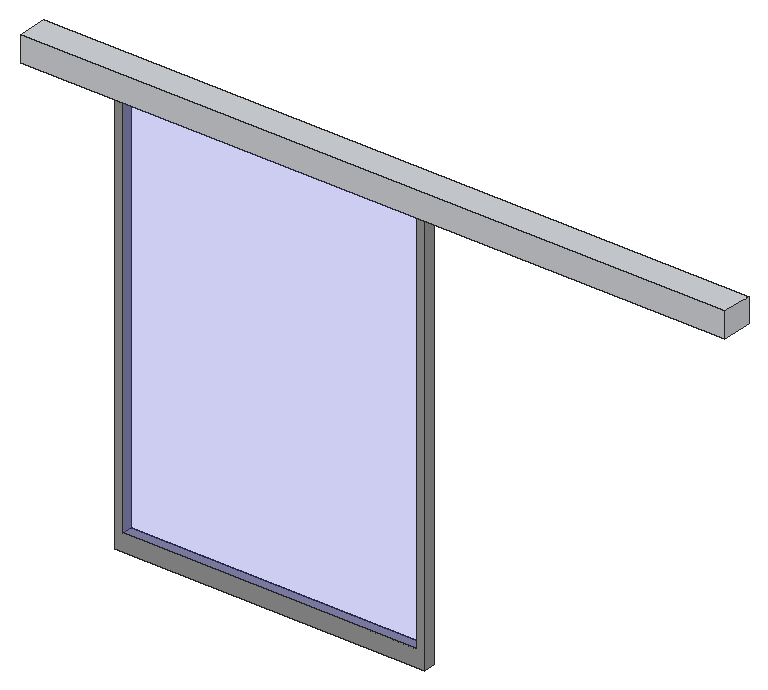
Revit family "DAS107PLUS 1AM  DX", category Porte, host Muro, Revit 2018
Family settings
  Host = Muro
  Numero OmniClass = 23.30.10.00
  Titolo OmniClass = Doors
  Sempre verticale = Sì
  Taglio con vuoti quando caricato = No
  Condiviso = No
  Punto di calcolo locali = No
Parameters
  Weight = 0.00 kN
  Uniclass 2015 Name = "Automatic sliding door operator"
  Uniclass 2.0 Description = "Sliding Doorset Systems"
  Uniclass 2.0 Code = "SS_25-30-20-77"
  Uniclass 1.4 Description = "Doors"
  Uniclass 1.4 Code = "JL20"
  Unicalss 2015 Code = "Pr 73_30_23_05"
  UNSPSC Code = "301715"
  Open door [instance] = if(Open, Larghezza, 1 mm)  # 1500 mm
  Open [instance] = yes
  Max Operator Length = 5600 mm
  Frame = Aluminum + Glass
  Region South America = "All"
  Region Oceania = "All"
  Region North America = "All"
  Region Middle East = "All"
  Region Europe = "All"
  Region Asia = "All"
  Region Antartica = "All"
  QR code = ""
  Protection rating = "IP20"
  Product group = "Sliding Automatic Doors"
  Product family = "Automatic Doors"
  Power supply = "100÷240 Vac @ 50/60 MHz"
  Operator = Aluminum
  Operating temperature = "-20 ° C / +50 ° C"
  OmniClass Description = "Doors"
  OmniClass Code = "23-17 11 00"
  NBS Reference Description = "Sliding Doorset Systems"
  NBS Reference Code = "25-30-20-77"
  Max nominal power = "75 W"
  Masterformat 2016 Description = "Operation and Maintenance of Sliding Glass Doors"
  Masterformat 2016 Code = "08 01 32"
  Manufacturer name = "Entrematic Italy"
  Manufacturer country = "China"
  Operator Length = 3400 mm
  Larghezza = 1500 mm
  IFC Classification = "Door"
  Gearmotor = "24V Vdc with encoder"
  Edition number = "1"
  Drive type = "electromechanical unit"
  Dimensions (H x D x L) = "120x140xL mm"
  Design country = "Italy"
  Description = "automation for sliding doors"
  Calc Width = if(Larghezza > 475 mm, Larghezza, 475 mm)  # 1500 mm
  Calc Operator Length [instance] = if(Operator Length < Calc Width + 20 mm, Calc Width + 20 mm, (if(Operator Length < Max Operator Length, Operator Length, 5600 mm)))  # 3400 mm
  Brand url = "http://www.ditecentrematic.com/"
  Brand = "Ditec"
  BIMobject Category = "Sliding"
  Chiusura muro = Per host
  Auxiliary power = "0.64 A @ 24 Vdc"
  Altezza = 2000 mm
Reference planes
  plane 1: y = 0
  plane 2 "Centro (Sinistra/Destra)": x = 0
  plane 3 "Sinistra": x = -750
  plane 4 "Destra": x = 750
  plane 5: z = 2000
  plane 6 "Esterni": y = 75
  plane 7 "Interno": y = -75
  plane 8: x = 760
  plane 9: x = -2640
  plane 10: y = -87
  plane 11: x = -750
Lines and regions (mm)
  Opening 1
    outline origin (-3050, -75, 0) x (1, 0, 0) y (0, 0, 1)
      loop
        line (2300, 0) -> (3800, 0) -> (3800, 2000) -> (2300, 2000) -> (2300, 0)
Text (mm)
  text "Exterior" at (-2295.016, 1099.543, 0), in view "Livello rif."
  text "Exterior" at (0, 1615.38, 3698.081), in view "Sinistra"
  text "Exterior" at (0, 1036.032, 3874.932), in view "Destra"
Dimensions and locks
  equal spacing: plane 3 "Sinistra", plane 2 "Centro (Sinistra/Destra)", plane 4 "Destra"
  "Calc Width": plane 3 "Sinistra" to plane 4 "Destra"
  "Altezza": plane 5 to host wall
  host wall to plane 5 = 2000 mm  (x2)
  locked: plane 6 "Esterni" to host wall at 0
  locked: plane 7 "Interno" to host wall
  locked: plane 10 to plane 7 "Interno" at 12
  "Calc Operator Length": plane 8 to plane 9
  locked: plane 4 "Destra" to plane 8 at 10
  "Open door": plane 11 to plane 4 "Destra"
  aligned and locked: plane 3 "Sinistra" to Opening 1 sketch curve
  aligned and locked: plane 5 to Opening 1 sketch curve  (x2)
  aligned and locked: Opening 1 sketch curve to plane 4 "Destra"
  aligned and locked: Opening 1 sketch curve to level
  aligned and locked: plane 1 to host wall
  aligned and locked: plane 10 to nested 1
  aligned and locked: plane 5 to nested 2
  aligned and locked: nested 2 to plane 7 "Interno"
  aligned and locked: plane 8 to nested 2
  aligned and locked: nested 2 to plane 9
  aligned and locked: nested 1 to plane 11
  aligned and locked: nested 3 to plane 8
  aligned and locked: nested 3 to plane 7 "Interno"
Nested families
  nested 1: "Frame" at (-1433.022, -112, 0), Frame <- "Operator", Glass <- "Frame", Hight <- "Altezza", Length <- "Calc Width", type "Frame"
    with Length 1500 mm, Hight 2000 mm, Glass Aluminum + Glass, Frame Aluminum
  nested 2: "Operator" at (-940, -146.5, 2000), Operator Length <- "Calc Operator Length", type "Operator"
    with Operator Material none, Operator Length 3400 mm
  nested 3: "Family1" at (-2272.348, -140.409, 0), Operator <- "Calc Operator Length", type "Family1"
    with Operator 3400 mm
Connectors
  electrical at (-940, -146.5, 2120)
    settings: on nested 2, index 1, voltage 100 V, apparent load 0 VA, apparent load phase1 0 VA, apparent load phase2 0 VA, apparent load phase3 0 VA, power factor 1, load classification "Altro", number of poles 1, system type 31, power factor state 1, is connector primary yes, connector utility no, sub classification motor no, connector description ""
Definition of nested family "Frame"
  Parameters (values of type "Frame")
    Glass [instance] = none
    Frame [instance] = none
    Length [instance] = 1000 mm
    Hight [instance] = 2000 mm
  Reference planes
    plane 1 "Centro (Fronte/Retro)": y = 0
    plane 2: z = 0
    plane 3 "Centro (Sinistra/Destra)": x = 0
    plane 4: x = 683.022
    plane 5: x = -316.978
    plane 6: x = -276.978
    plane 7: x = 643.022
    plane 8: z = 2000
    plane 9: y = -25
    plane 10: y = 25
    plane 11: z = 80
    plane 12: z = 1960
  Forms (mm)
    Extrusion 1, solid, material <- "Frame"
      sketch origin (0, 0, 0) x (1, 0, 0) y (0, 0, 1)
        loop
          line (683.022, 0) -> (683.022, 2000) -> (-316.978, 2000) -> (-316.978, 0) -> (683.022, 0)
        loop
          line (-276.978, 1960) -> (-276.978, 80) -> (643.022, 80) -> (643.022, 1960) -> (-276.978, 1960)
      from -25 to 25
    Extrusion 2, solid, material <- "Glass"
      sketch origin (0, 0, 0) x (1, 0, 0) y (0, 0, 1)
        loop
          line (643.022, 1960) -> (-276.978, 1960) -> (-276.978, 80) -> (643.022, 80) -> (643.022, 1960)
      from -25 to 25
  Dimensions and locks
    locked: plane 7 to plane 4 at 40
    locked: plane 5 to plane 6 at 40
    plane 8 to plane 2 = 2000 mm
    equal spacing: plane 10, plane 1 "Centro (Fronte/Retro)", plane 9, locked at 25 each
    locked: plane 12 to plane 8 at 40
    locked: plane 2 to plane 11 at 80
    "Length": plane 4 to plane 5
    "Hight": plane 8 to plane 2
    aligned and locked: level to plane 2
    aligned and locked: plane 4 to Extrusion 1 sketch curve
    aligned and locked: plane 2 to Extrusion 1 sketch curve
    aligned and locked: plane 5 to Extrusion 1 sketch curve
    aligned and locked: plane 8 to Extrusion 1 sketch curve
    aligned and locked: plane 12 to Extrusion 1 sketch curve
    aligned and locked: plane 7 to Extrusion 1 sketch curve
    aligned and locked: plane 11 to Extrusion 1 sketch curve
    aligned and locked: plane 6 to Extrusion 1 sketch curve
    aligned and locked: plane 10 to Extrusion 1
    aligned and locked: Extrusion 1 to plane 9
    aligned and locked: Extrusion 2 sketch curve to plane 12
    aligned and locked: Extrusion 2 sketch curve to plane 7
    aligned and locked: Extrusion 2 sketch curve to plane 6
    aligned and locked: Extrusion 2 sketch curve to plane 11
    aligned and locked: Extrusion 2 to plane 9
Definition of nested family "Operator"
  Parameters (values of type "Operator")
    Operator Material [instance] = none
    Operator Length [instance] = 3000 mm
  Reference planes
    plane 1 "Centro (Fronte/Retro)": y = 0
    plane 2: z = 0
    plane 3 "Centro (Sinistra/Destra)": x = 0
    plane 4: y = 71.5
    plane 5: y = -71.5
    plane 6: x = -1500
    plane 7: x = 1500
    plane 8: z = 120
  Forms (mm)
    Extrusion 1, solid, material <- "Operator Material"
      sketch origin (0, 0, 0) x (1, 0, 0) y (0, 1, 0)
        loop
          line (-1500, 71.5) -> (-1500, -71.5) -> (1500, -71.5) -> (1500, 71.5) -> (-1500, 71.5)
      from 0 to 120
  Dimensions and locks
    equal spacing: plane 6, plane 3 "Centro (Sinistra/Destra)", plane 7
    equal spacing: plane 4, plane 1 "Centro (Fronte/Retro)", plane 5
    plane 8 to plane 2 = 120 mm
    locked: plane 4 to plane 5 at 143
    "Operator Length": plane 6 to plane 7
    aligned and locked: level to plane 2
    aligned and locked: Extrusion 1 sketch curve to plane 4
    aligned and locked: Extrusion 1 sketch curve to plane 6
    aligned and locked: Extrusion 1 sketch curve to plane 5
    aligned and locked: Extrusion 1 sketch curve to plane 7
    aligned and locked: plane 8 to Extrusion 1
Definition of nested family "Family1"
  Parameters (values of type "Family1")
    Operator [instance] = 722.652 mm
  Reference planes
    plane 1 "Center (Front/Back)": y = 0
    plane 2: z = 0
    plane 3 "Center (Left/Right)": x = 0
    plane 4: x = -367.652
    plane 5: x = 355
    plane 6: y = 65.409
    plane 7: y = -77.591
    plane 8: y = -35.362
  Lines and regions (mm)
    detail lines, in view "Ref. Level"
      curve 1: line (-367.652, 65.409, 0) -> (355, 65.409, 0)
      curve 2: line (-367.652, -77.591, 0) -> (355, -77.591, 0)
      curve 3: line (-367.652, 65.409, 0) -> (-367.652, -77.591, 0)
      curve 4: line (355, 65.409, 0) -> (355, -77.591, 0)
  Dimensions and locks
    "Operator": plane 4 to plane 5
    locked: plane 6 to plane 7 at 143
  Automatic sketch dimensions
    curve 2 to plane 7 = 0 mm
    curve 1 to plane 6 = 0 mm
    curve 1 to plane 4 = 0 mm
    plane 5 to curve 2 = 0 mm
